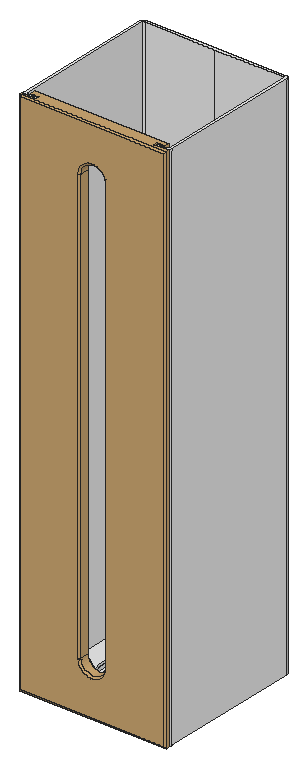
Revit family "Sanitary_Dispenser_Dandent_MGH100_Cup-Dispenser", category Furniture, Revit 2017
Family settings
  OmniClass Number = 23.40.70.11.14.21
  OmniClass Title = Health Care Furniture
  Work Plane-Based = No
  Always vertical = Yes
  Cut with Voids When Loaded = No
  Shared = No
  Room Calculation Point = No
Parameters (values of type "Cup dispenser - MGH100")
  WarrantyStartDate [instance] = "n/a"
  WarrantyGuarantorParts = "n/a"
  WarrantyGuarantorLabor = "n/a"
  WarrantyDurationUnit = "Year"
  WarrantyDurationParts = "n/a"
  WarrantyDurationLabor = "n/a"
  WarrantyDescription = "n/a"
  VersionDate = "12/09/2019"  # constant formula
  Version = "1"  # constant formula
  Uniclass2015Reference = "Pr_40_20_76"
  Uniclass2015Description = "Sanitary accessories"
  Uniclass2 = "Pr_40_30_76"
  URL = "https://www.dandent.se/produkter/tillbehor"
  Type Comments = ""
  TagNumber [instance] = "n/a"
  SustainabilityPerformance = "n/a"
  Style = "n/a"
  Size = "111x113x400 mm"
  Shape = "Rectangular"
  SerialNumber [instance] = "n/a"
  Revision = "n/a"
  ReplacementCost = "n/a"
  ProductInformation = "n/a"
  Product data url = "https://www.bimobject.com/dandent/product/cup_holder"
  NominalLength = 110 mm
  NominalHeight = 408 mm
  NominalDepth = 116 mm
  Name = "Dandent_MGH100_Cup-Dispenser"
  NBSReference = "45-35-72/342"
  NBSDescription = "Paper roll dispensers"
  ModelReference = "n/a"
  ModelNumber = "MGH100"
  Material = "Plastic, wood"
  ManufacturerURL = "https://www.dandent.se/"
  ManufacturerName = "Dandent"
  Model = "Cup dispenser - MGH100"
  Manufacturer = "Dandent"
  MainColor = "White"
  InstallationDate [instance] = "n/a"
  IfcExportType = "UNDEFINED"  # constant formula
  IfcExportAs = "IfcFurnitureType"  # constant formula
  Grade = "n/a"
  Finish = "Front in white or compact laminate wood. Available in beech, birch and oak."
  Features = "n/a"
  ExpectedLife = "n/a"
  DurationUnit = "Year"
  DispenserSecondaryMaterial = Plastic, Opaque White
  DispenserMainMaterial [instance] = Glue-Laminated Timber
  Cost = 0
  ConvergoRefNr = "0151-1909-0007-SE"
  Constituents = "n/a"
  Color = "White"
  CodePerformance = "n/a"
  Barcode [instance] = "n/a"
  AssetIdentifier [instance] = "n/a"
  Category = "Cup dispenser"
  Brand = "Dandent"
  BIMObjectName = "Sanitary_Dispenser_Dandent_MGH100_Cup-Dispenser"
  Author = "Convergo AB"  # constant formula
  AssetType = "Movable"
  AccessibilityPerformance = "n/a"
Reference planes
  plane 1 "Center (Front/Back)": y = 0
  plane 2: z = 0
  plane 3 "Center (Left/Right)": x = 0
  plane 4: x = -55
  plane 5: x = 55
  plane 6: y = 58
  plane 7: y = -58
  plane 8: z = 408
Dimensions and locks
  equal spacing: plane 4, plane 3 "Center (Left/Right)", plane 5
  "NominalLength": plane 4 to plane 5
  equal spacing: plane 6, plane 1 "Center (Front/Back)", plane 7
  "NominalDepth": plane 6 to plane 7
  "NominalHeight": plane 8 to level
  aligned and locked: level to plane 2
Nested families
  nested 1: "Mugghållare" at (0, 0, 0), Main <- "DispenserMainMaterial", Secondary <- "DispenserSecondaryMaterial", type "Mugghållare"
    with Secondary Plastic, Opaque White, Main Glue-Laminated Timber
Definition of nested family "Mugghållare"
  Parameters (values of type "Mugghållare")
    Secondary [instance] = none
    Main [instance] = none
  Reference planes
    plane 1 "Center (Front/Back)": y = 0
    plane 2: z = 0
    plane 3 "Center (Left/Right)": x = 0
    plane 4: z = 408
    plane 5: x = 55
    plane 6: x = -55
    plane 7: y = 58
    plane 8: y = -58
  Forms (mm)
    Extrusion 1, solid, material <- "Secondary", detail levels medium+fine
      sketch origin (0, 0, 0) x (1, 0, 0) y (0, 1, 0)
        loop
          line (-44, -53) -> (-52, -53)
          arc (-52, -53) -> (-52.707, -52.707) -> (-53, -52) r 1
          line (-53, -52) -> (-53, 55)
          arc (-53, 55) -> (-52.707, 55.707) -> (-52, 56) r 1
          line (-52, 56) -> (0, 56) -> (52, 56)
          arc (52, 56) -> (52.707, 55.707) -> (53, 55) r 1
          line (53, 55) -> (53, -52)
          arc (53, -52) -> (52.707, -52.707) -> (52, -53) r 1
          line (52, -53) -> (44, -53) -> (44, -55) -> (52, -55)
          arc (52, -55) -> (54.121, -54.121) -> (55, -52) r 3
          line (55, -52) -> (55, 55)
          arc (55, 55) -> (54.121, 57.121) -> (52, 58) r 3
          line (52, 58) -> (0, 58) -> (-52, 58)
          arc (-52, 58) -> (-54.121, 57.121) -> (-55, 55) r 3
          line (-55, 55) -> (-55, -52)
          arc (-55, -52) -> (-54.121, -54.121) -> (-52, -55) r 3
          line (-52, -55) -> (-44, -55) -> (-44, -53)
      from 8 to 407.5
    Extrusion 2, solid, material <- "Main", detail levels medium+fine
      sketch origin (0, 0, 0) x (1, 0, 0) y (0, 0, 1)
        loop
          line (55, 408) -> (-55, 408) -> (-55, 8) -> (55, 8) -> (55, 408)
        loop
          arc (9.25, 370.172) -> (0, 379.422) -> (-9.25, 370.172) r 9.25
          line (-9.25, 370.172) -> (-9.25, 46.158)
          arc (-9.25, 46.158) -> (0, 36.908) -> (9.25, 46.158) r 9.25
          line (9.25, 46.158) -> (9.25, 370.172)
      from 49 to 58
    Extrusion 3, void
      sketch origin (0, 0, 0) x (1, 0, 0) y (0, 1, 0)
        loop
          line (-56.883, -55) -> (-44, -55) -> (-44, -52.5) -> (-50, -52.5) -> (-50, -47.5) -> (-56.883, -47.5) -> (-56.883, -55)
        loop
          line (56.883, -55) -> (56.883, -47.5) -> (50, -47.5) -> (50, -52.5) -> (44, -52.5) -> (44, -55) -> (56.883, -55)
      from -80.15 to 528.199
    Sweep 4, void
      path in 3D
        loop
          line (-55, -58, 408) -> (-55, -58, 8) -> (55, -58, 8) -> (55, -58, 408) -> (-55, -58, 408)
      profile origin (0, -58, 408) x (0, -1, 0) y (0, 0, 1)
        loop
          line (0.384, 0.479) -> (-1.779, 0.479) -> (0.384, -1.684) -> (0.384, 0.479)
    Extrusion 5, solid, material <- "Main", detail levels coarse
      sketch origin (0, 0, 0) x (1, 0, 0) y (0, 1, 0)
        loop
          line (-55, 58) -> (-55, -58) -> (55, -58) -> (55, 58) -> (-55, 58)
      from 0 to 408
    Sweep 6, void
      path in 3D
        loop
          line (-9.25, -58, 370.172) -> (-9.25, -58, 46.158)
          arc (-9.25, -58, 46.158) -> (0, -58, 36.908) -> (9.25, -58, 46.158) r 9.25
          line (9.25, -58, 46.158) -> (9.25, -58, 370.172)
          arc (9.25, -58, 370.172) -> (0, -58, 379.422) -> (-9.25, -58, 370.172) r 9.25
      profile origin (0, -58, 379.422) x (0, 0, -1) y (0, -1, 0)
        loop
          line (0.825, 0.619) -> (-1.919, 0.619) -> (0.825, -2.125) -> (0.825, 0.619)
        loop
          line (-1.822, -9.522) -> (0.825, -9.522) -> (0.825, -6.875) -> (-1.822, -9.522)
    Extrusion 7, solid, material <- "Secondary", detail levels medium+fine
      sketch origin (0, 0, 0) x (0, 1, 0) y (0, 0, 1)
        loop
          line (56, 8) -> (56, 9.5) -> (-54.828, 9.5) -> (-54.828, 8) -> (56, 8)
      from -53 to 53
    Extrusion 8, void
      sketch origin (0, 0, 0) x (1, 0, 0) y (0, 1, 0)
        loop
          circle (0, 1.5) r 37.202
      from -47.357 to 27.351
    Revolve 9, solid, material <- "Secondary", detail levels medium+fine
      sketch origin (0, 0, 0) x (0, 1, 0) y (0, 0, 1)
        loop
          line (-38.948, 7.5) -> (-38.948, 3) -> (-36.451, 3) -> (-36.451, 0) -> (-34.451, 0) -> (-34.451, 5) -> (-36.948, 5) -> (-36.948, 7.5) -> (-38.948, 7.5)
        axis (0, 0) -> (0, 7.5)
      angle from 0 to 360
  Cuts and joins
    Extrusion 3, Sweep 4, Sweep 6 cuts Extrusion 2
    Extrusion 8 cuts Extrusion 1
    Extrusion 8 cuts Extrusion 7
    joined: Extrusion 1, Extrusion 7
  Lines and regions (mm)
    symbolic lines, detail levels medium+fine
      curve 1: line (-55, 0, 8) -> (-55, 0, 408)
      curve 2: line (55, 0, 8) -> (40.5, 0, 8)
      curve 3: line (55, 0, 408) -> (55, 0, 8)
      curve 4: line (0, -58, 406.75) -> (0, -58, 9.251)
      curve 5: line (0, 58, 407.5) -> (0, -49.75, 407.5)
      curve 6: line (0, 58, 10.5) -> (0, 58, 407.5)
      curve 8: line (-51.982, 58, 0) -> (0, 58, 0)
      curve 9: line (-55, -52, 0) -> (-55, 54.982, 0)
      curve 10: line (0, -58, 0) -> (-53.75, -58, 0)
      curve 12: line (-55, -56.75, 0) -> (-53.75, -58, 0)
      curve 14: line (-55, -55, 0) -> (-52, -55, 0)
      curve 24: line (-55, 0, 408) -> (55, 0, 408)
      curve 34: arc (-55, 54.982, 0) -> (-54.116, 57.116, 0) -> (-51.982, 58, 0) r 3.018
      curve 35: line (-55, -55, 0) -> (-55, -56.75, 0)
      curve 36: arc (-52, -55, 0) -> (-54.121, -54.121, 0) -> (-55, -52, 0) r 3
      curve 43: line (51.982, 58, 0) -> (0, 58, 0)
      curve 44: line (55, -52, 0) -> (55, 54.982, 0)
      curve 45: line (0, -58, 0) -> (53.75, -58, 0)
      curve 47: line (55, -56.75, 0) -> (53.75, -58, 0)
      curve 49: line (55, -55, 0) -> (52, -55, 0)
      curve 55: arc (55, 54.982, 0) -> (54.116, 57.116, 0) -> (51.982, 58, 0) r 3.018
      curve 56: line (55, -55, 0) -> (55, -56.75, 0)
      curve 57: arc (52, -55, 0) -> (54.121, -54.121, 0) -> (55, -52, 0) r 3
      curve 62: line (0, -51.969, 7.5) -> (0, -38.948, 7.5)
      curve 63: arc (0, -55, 10.531) -> (0, -54.112, 8.388) -> (0, -51.969, 7.5) r 3.031
      curve 64: arc (0, 58, 10.5) -> (0, 57.121, 8.379) -> (0, 55, 7.5) r 3
      curve 65: line (0, 41.948, 3) -> (0, 41.948, 7.5)
      curve 66: line (0, 41.948, 3) -> (0, 39.479, 3)
      curve 67: line (0, -38.948, 3) -> (0, -38.948, 7.5)
      curve 68: line (0, 39.479, 3) -> (0, 39.479, 0)
      curve 69: line (0, 39.479, 0) -> (0, -36.451, 0)
      curve 70: line (0, -36.451, 0) -> (0, -36.451, 3)
      curve 71: line (0, -50.25, 408) -> (0, -56.75, 408)
      curve 72: line (0, -56.75, 408) -> (0, -58, 406.75)
      curve 73: line (0, -50.25, 408) -> (0, -49.75, 407.5)
      curve 74: line (0, -55, 8.001) -> (0, -56.75, 8.001)
      curve 75: line (0, -56.75, 8.001) -> (0, -58, 9.251)
      curve 76: line (0, 41.948, 7.5) -> (0, 55, 7.5)
      curve 78: line (0, -36.451, 3) -> (0, -38.948, 3)
      curve 82: line (-38, 0, 0) -> (38, 0, 0)
      curve 83: line (-38, 0, 3) -> (-38, 0, 0)
      curve 84: line (38, 0, 0) -> (38, 0, 3)
      curve 85: line (40.5, 0, 3) -> (38, 0, 3)
      curve 86: line (40.5, 0, 8) -> (40.5, 0, 3)
      curve 87: line (-40.494, 0, 3) -> (-40.494, 0, 8)
      curve 95: line (-40.494, 0, 8) -> (-55, 0, 8)
      curve 98: line (-38, 0, 3) -> (-40.494, 0, 3)
    symbolic lines, detail levels fine
      curve 7: line (0, -55, 407.5) -> (0, -55, 10.531)
      curve 11: line (-50, -49, 0) -> (0, -49, 0)
      curve 13: line (-55, -56.75, 0) -> (0, -56.75, 0)
      curve 15: line (-44, -55, 0) -> (-44, -52.5, 0)
      curve 16: line (-44, -53, 0) -> (-52.036, -53, 0)
      curve 17: line (-53.7, 0, 9.3) -> (-53.7, 0, 406.7)
      curve 18: line (53.7, 0, 9.3) -> (-53.7, 0, 9.3)
      curve 19: line (53.7, 0, 406.7) -> (53.7, 0, 9.3)
      curve 25: line (-53.7, 0, 406.7) -> (53.7, 0, 406.7)
      curve 26: line (53.7, 0, 406.7) -> (55, 0, 408)
      curve 27: line (-53.7, 0, 406.7) -> (-55, 0, 408)
      curve 28: line (-53.7, 0, 9.3) -> (-55, 0, 8)
      curve 29: line (53.7, 0, 9.3) -> (55, 0, 8)
      curve 30: line (-9.25, 0, 370.172) -> (-9.25, 0, 46.158)
      curve 31: line (-53, -52.036, 0) -> (-53, 54.975, 0)
      curve 32: line (-51.975, 56, 0) -> (0, 56, 0)
      curve 33: arc (-53, 54.975, 0) -> (-52.7, 55.7, 0) -> (-51.975, 56, 0) r 1.025
      curve 37: arc (-52.036, -53, 0) -> (-52.718, -52.718, 0) -> (-53, -52.036, 0) r 0.964
      curve 38: line (-50, -49, 0) -> (-50, -52.5, 0)
      curve 39: line (-50, -52.5, 0) -> (-44, -52.5, 0)
      curve 40: circle (0, 1.5, 0) r 37.202 normal (0, 0, 1)
      curve 41: circle (0, 1.5, 0) r 39.202 normal (0, 0, 1)
      curve 42: line (-52, -55, 0) -> (-44, -55, 0)
      curve 46: line (50, -49, 0) -> (0, -49, 0)
      curve 48: line (55, -56.75, 0) -> (0, -56.75, 0)
      curve 50: line (44, -55, 0) -> (44, -52.5, 0)
      curve 51: line (44, -53, 0) -> (52.036, -53, 0)
      curve 52: line (53, -52.036, 0) -> (53, 54.975, 0)
      curve 53: line (51.975, 56, 0) -> (0, 56, 0)
      curve 54: arc (53, 54.975, 0) -> (52.7, 55.7, 0) -> (51.975, 56, 0) r 1.025
      curve 58: arc (52.036, -53, 0) -> (52.718, -52.718, 0) -> (53, -52.036, 0) r 0.964
      curve 59: line (50, -49, 0) -> (50, -52.5, 0)
      curve 60: line (50, -52.5, 0) -> (44, -52.5, 0)
      curve 61: line (52, -55, 0) -> (44, -55, 0)
      curve 77: line (0, 39.479, 3) -> (0, -36.451, 3)
      curve 79: line (0, -38.948, 7.5) -> (0, 41.948, 7.5)
      curve 80: line (0, -55, 10.531) -> (0, -55, 8.001)
      curve 81: line (0, -49.75, 407.5) -> (0, -55, 407.5)
      curve 88: line (9.25, 0, 370.172) -> (9.25, 0, 46.158)
      curve 89: arc (9.25, 0, 370.172) -> (0, 0, 379.422) -> (-9.25, 0, 370.172) r 9.25
      curve 90: arc (-9.25, 0, 46.158) -> (0, 0, 36.908) -> (9.25, 0, 46.158) r 9.25
      curve 91: arc (7.95, 0, 370.172) -> (0, 0, 378.122) -> (-7.95, 0, 370.172) r 7.95
      curve 92: line (-7.95, 0, 370.172) -> (-7.95, 0, 46.158)
      curve 93: line (7.95, 0, 370.172) -> (7.95, 0, 46.158)
      curve 94: arc (-7.95, 0, 46.158) -> (0, 0, 38.208) -> (7.95, 0, 46.158) r 7.95
      curve 96: line (40.5, 0, 8) -> (-40.494, 0, 8)
      curve 97: line (38, 0, 3) -> (-38, 0, 3)
    sketch lines
      curve 20: line (55, -58, 408) -> (-55, -58, 408)
      curve 21: line (-55, -58, 408) -> (-55, -58, 8)
      curve 22: line (55, -58, 8) -> (55, -58, 408)
      curve 23: line (-55, -58, 8) -> (55, -58, 8)
      curve 99: arc (9.25, -58, 370.172) -> (0, -58, 379.422) -> (-9.25, -58, 370.172) r 9.25
      curve 100: line (-9.25, -58, 46.158) -> (-9.25, -58, 370.172)
      curve 101: line (9.25, -58, 370.172) -> (9.25, -58, 46.158)
      curve 102: arc (-9.25, -58, 46.158) -> (0, -58, 36.908) -> (9.25, -58, 46.158) r 9.25
  Dimensions and locks
    aligned and locked: level to plane 2
